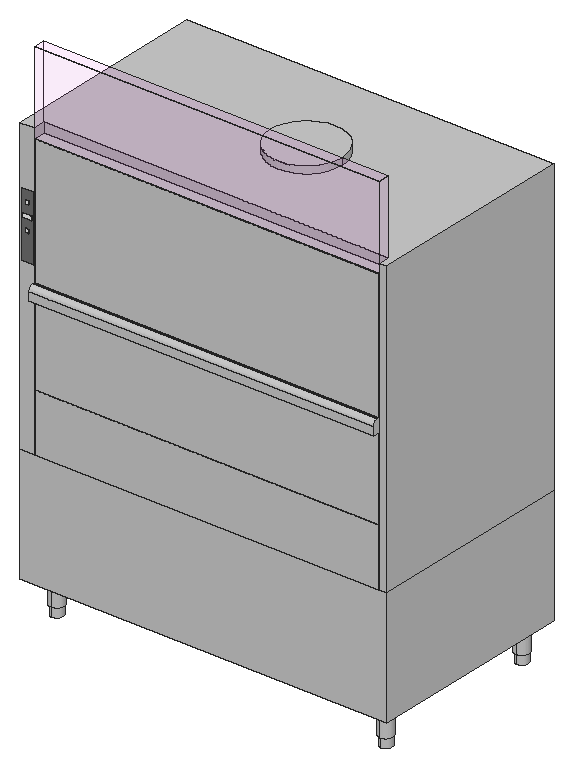
Revit family "QF_COMENDA_6G3170_6G3190_1155 H_6G3277_CAT", category Attrezzature speciali, Revit 2021
Family settings
  Quota connettore circolare = Usa diametro
  Tipo di parte = Normale
  Numero OmniClass = 23.40.40.14
  Titolo OmniClass = Food Service Equipment
  Basato su piano di lavoro = No
  Sempre verticale = Sì
  Taglio con vuoti quando caricato = No
  Condiviso = No
  Punto di calcolo locali = No
Parameters (values of type "6G3170")
  URL catalogo = "https://comenda.eu/wp-content/uploads/2024/02/Scheda-tecnica_G-EVO-1005-R_15.02.2024_ITA.pdf"
  URL = "www.comenda.eu"
  Tensione = 400 V
  Temperatura raccomandata per acqua calda = 50 °C
  Show Logo [instance] = yes
  Show Clearance [instance] = yes
  Protezione contro le sovracorrenti = 32 A
  Prospetto di default = 0 mm
  Profondità = 870 mm
  Pressione minima acqua calda = 2000.0 Pa
  Potenza elettrica = 15000 W
  Peso netto = 270.00 kg
  Numero dei poli = 3
  Modello = "G-EVO 1005 R RCD"
  Produttore = "COMENDA"
  Lunghezza = 1530 mm
  Frequenza = 50 Hz
  Fase = 3
  Diametro raccordo acqua calda = 3/4"
  Diametro dello scarico diretto di acqua = 1 3/8"
  Descrizione = "THREE-PHASE FRONT LOADING POTWASHER  WITH RCD"
  Corrente di funzionamento normale = 23 A
  Assembly Code = ""
  Altezza dello scarico diretto acqua da pavimento finito = 145 mm
  Altezza da terra raccordo acqua calda = 175 mm
  Altezza allacciamento elettrico da pavimento finito = 135 mm
  Altezza = 1870 mm
Types (4, lengths in mm): name | URL catalogo | Profondità | Modello | Descrizione | Altezza allacciamento elettrico da pavimento finito | Altezza
  6G3190 | "https://comenda.eu/wp-content/uploads/2024/02/Scheda-tecnica_G-EVO-1155-R_15.02.2024_ITA.pdf" | 900 | "G-EVO 1155 R RCD" | "THREE-PHASE FRONT LOADING POTWASHER WITH RCD" | 135 | 1870
  6G3170 | "https://comenda.eu/wp-content/uploads/2024/02/Scheda-tecnica_G-EVO-1005-R_15.02.2024_ITA.pdf" | 870 | "G-EVO 1005 R RCD" | "THREE-PHASE FRONT LOADING POTWASHER  WITH RCD" | 135 | 1870
  6G3277 | "/comenda.eu/wp-content/uploads/2024/02/Scheda-tecnica_G-EVO-1005-R_15.02.2024_ITA.pdf" | 900 | "G-EVO 1005 H RCD" | "THREE-PHASE FRONT LOADING POTWASHER WITH RCD" | 135 | 2020
  G-EVO 1155 H | "https://comenda.eu/wp-content/uploads/2024/02/Scheda-tecnica_G-EVO-1155-R_15.02.2024_ITA.pdf" | 900 | "G-EVO 1155 H R RCD" | "THREE-PHASE FRONT LOADING POTWASHER WITH RCD" | 134 | 2020
Reference planes
  plane 1 "Back": y = 0
  plane 2: z = 0
  plane 3 "Left": x = -30
  plane 4 "Right": x = 1500
  plane 5 "Front": y = -900
  plane 6 "Top": z = 1870
Forms (mm)
  Revolve 1, solid
    sketch origin (60, 0, 0) x (0, 1, 0) y (0, 0, 1)
      loop
        line (-50, 135) -> (-80, 135) -> (-80, 0) -> (-55, 0) -> (-55, 40) -> (-50, 40) -> (-50, 135)
      axis (-80, 0) -> (-80, 135)
    angle from 0 to 360
  Revolve 2, solid
    sketch origin (60, -710, 0) x (0, 1, 0) y (0, 0, 1)
      loop
        line (-50, 135) -> (-80, 135) -> (-80, 0) -> (-55, 0) -> (-55, 40) -> (-50, 40) -> (-50, 135)
      axis (-80, 0) -> (-80, 135)
    angle from 0 to 360
  Revolve 3, solid
    sketch origin (1440, -8.5, 0) x (0, 1, 0) y (0, 0, 1)
      loop
        line (-50, 135) -> (-80, 135) -> (-80, 0) -> (-55, 0) -> (-55, 40) -> (-50, 40) -> (-50, 135)
      axis (-80, 0) -> (-80, 135)
    angle from 0 to 360
  Revolve 4, solid
    sketch origin (1440, -718.5, 0) x (0, 1, 0) y (0, 0, 1)
      loop
        line (-50, 135) -> (-80, 135) -> (-80, 0) -> (-55, 0) -> (-55, 40) -> (-50, 40) -> (-50, 135)
      axis (-80, 0) -> (-80, 135)
    angle from 0 to 360
  Extrusion 5, solid
    sketch origin (0, 0, 721.5) x (1, 0, 0) y (0, 1, 0)
      loop
        line (-30, 0) -> (-30, -870) -> (30, -870) -> (30, -820) -> (1470, -820) -> (1470, -870) -> (1500, -870) -> (1500, 0) -> (-30, 0)
    from -101 to 1120
  Extrusion 6, solid
    sketch origin (0, 0, 0) x (1, 0, 0) y (0, 1, 0)
      loop
        line (-30, 0) -> (-30, -870) -> (1500, -870) -> (1500, 0) -> (-30, 0)
    from 135 to 620
  Extrusion 7, solid
    sketch origin (647, 0, 1895) x (1, 0, 0) y (0, 1, 0)
      loop
        circle (170, -435) r 150
    from -53.5 to -25
  Extrusion 8, solid
    sketch origin (289.25, 0, 0) x (0, 1, 0) y (0, 0, 1)
      loop
        line (-900, 1208) -> (-870, 1208) -> (-870, 1263) -> (-880, 1263)
        arc (-880, 1263) -> (-894.142, 1257.142) -> (-900, 1243) r 20
        line (-900, 1243) -> (-900, 1208)
    from -257.75 to 1179.25
  Extrusion 9, solid
    sketch origin (0, 0, 620.5) x (0, 1, 0) y (1, 0, 0)
      loop
        line (-870, 31.5) -> (-820, 31.5) -> (-820, 1468.5) -> (-870, 1468.5) -> (-870, 31.5)
    from 0 to -244
  Extrusion 10, solid
    sketch origin (0, 0, 911) x (1, 0, 0) y (0, 1, 0)
      loop
        line (31.5, -870) -> (1468.5, -870) -> (1468.5, -820) -> (31.5, -820) -> (31.5, -870)
    from -46 to 352
  Extrusion 11, solid
    sketch origin (0, 0, 1319) x (1, 0, 0) y (0, 1, 0)
      loop
        line (31.5, -870) -> (1468.5, -870) -> (1468.5, -820) -> (31.5, -820) -> (31.5, -870)
    from -56 to 484
  Extrusion 12, solid, visible <- "Show Clearance", detail levels coarse
    sketch origin (30, 0, -46) x (0, 1, 0) y (0, 0, 1)
      loop
        line (-870, 911) -> (-870, 1318)
        arc (-870, 1318) -> (-1157.792, 1198.792) -> (-1277, 911) r 407
        line (-1277, 911) -> (-870, 911)
    from 0 to 1438.5
  Extrusion 13, solid
    sketch origin (1470, -870, 710) x (0, 1, 0) y (0, 0, -1)
      loop
        line (0, -1093) -> (0, -1435) -> (50, -1435) -> (50, -1093) -> (0, -1093)
    from 0 to 1440
  Extrusion 14, solid
    sketch origin (-775, -868.2, 645.429) x (1, 0, 0) y (0, 0, 1)
      loop
        line (800, 954.969) -> (750, 954.969) -> (750, 684.969) -> (800, 684.969) -> (800, 954.969)
    from 0 to 2
  Extrusion 15, solid
    sketch origin (-1776.493, -868.4, 885.399) x (1, 0, 0) y (0, 0, 1)
      loop
        line (1795, 624) -> (1758, 624) -> (1758, 606) -> (1795, 606) -> (1795, 624)
      loop
        line (1784.5, 569.5) -> (1768.5, 569.5) -> (1768.5, 553.5) -> (1784.5, 553.5) -> (1784.5, 569.5)
      loop
        line (1784.5, 676.5) -> (1768.5, 676.5) -> (1768.5, 660.5) -> (1784.5, 660.5) -> (1784.5, 676.5)
    from 0 to 2
  Extrusion 16, void
    sketch origin (0, 0, 135) x (1, 0, 0) y (0, 1, 0)
      loop
        circle (130.011, -654.993) r 9.55
    from 0 to 40
  Extrusion 17, void
    sketch origin (0, 0, 135) x (1, 0, 0) y (0, 1, 0)
      loop
        circle (750, -610) r 17.5
    from 0 to 10
  Extrusion 18, solid
    sketch origin (0, 0, 135) x (0, 1, 0) y (1, 0, 0)
      loop
        circle (-848, 1415) r 4.875
    from 0 to 1
Cuts and joins
  Extrusion 16, Extrusion 17 cuts Extrusion 5
  Extrusion 16, Extrusion 17 cuts Extrusion 6
  joined: Extrusion 5, Extrusion 6
Lines and regions (mm)
  symbolic lines, style "200-EquipBorder-2D"
    curve 1: line (-30, 0, 0) -> (1500, 0, 0)
    curve 2: line (-30, -870, 0) -> (-30, 0, 0)
    curve 3: line (1500, -870, 0) -> (-30, -870, 0)
    curve 4: line (1500, 0, 0) -> (1500, -870, 0)
    curve 11: line (31.5, -870, 0) -> (31.5, -900, 0)
    curve 12: line (31.5, -900, 0) -> (1468.5, -900, 0)
    curve 13: line (1468.5, -900, 0) -> (1468.5, -870, 0)
  symbolic lines, style "QF_Door-Drawer Clearances", visible <- "Show Clearance"
    curve 5: line (30, -870, 0) -> (30, -1277, 0)
    curve 6: line (1468.5, -1277, 0) -> (1468.5, -870, 0)
    curve 7: line (30, -1277, 0) -> (1468.5, -1277, 0)
  symbolic lines, style "200-EquipInternal-2D"
    curve 8: circle (817, -435, 0) r 150 normal (0, 0, 1)
    curve 9: line (30, -870, 0) -> (30, -820, 0)
    curve 10: line (30, -820, 0) -> (1470, -820, 0)
    curve 14: line (1470, -820, 0) -> (1470, -870, 0)
  symbolic lines, style "200-InsPoint-3D"
    curve 15: circle (-30, 0, 0) r 0.2 normal (0, 0, 1)
    curve 16: circle (1500, 0, 0) r 0.2 normal (0, 0, 1)
    curve 17: circle (-30, -870, 0) r 0.2 normal (0, 0, 1)
    curve 18: circle (1500, -870, 0) r 0.2 normal (0, 0, 1)
Dimensions and locks
  plane 3 "Left" to plane 4 "Right" = 1530 mm
  plane 5 "Front" to plane 1 "Back" = 900 mm
  "Altezza": plane 6 "Top" to level
  Extrusion 7 to cut or joined group of Extrusion 5, Extrusion 6, Extrusion 16, Extrusion 17 = 28.5 mm
  cut or joined group of Extrusion 5, Extrusion 6, Extrusion 16, Extrusion 17 to Extrusion 11 = 38.5 mm
  locked: Extrusion 13 sketch curve to Extrusion 7 at 275
  plane 4 "Right" to plane 3 "Left" = 1530 mm
  plane 6 "Top" to level = 1870 mm
  locked: plane 6 "Top" to cut or joined group of Extrusion 5, Extrusion 6, Extrusion 16, Extrusion 17 at 28.5
  locked: plane 6 "Top" to Extrusion 11 at 67
  locked: cut or joined group of Extrusion 5, Extrusion 6, Extrusion 16, Extrusion 17 to level at 135
  locked: cut or joined group of Extrusion 5, Extrusion 6, Extrusion 16, Extrusion 17 to level at 620
  locked: Extrusion 10 to level at 865
  locked: plane 6 "Top" to Extrusion 10 at 607
  locked: Extrusion 15 to level at 1491.399
  locked: Extrusion 15 to Extrusion 14 at 108.5
  aligned and locked: level to plane 2
  aligned and locked: plane 6 "Top" to Extrusion 7
  aligned and locked: Extrusion 8 sketch curve to Extrusion 10
  aligned and locked: Extrusion 13 sketch curve to Extrusion 11  (x2)
  aligned and locked: cut or joined group of Extrusion 5, Extrusion 6, Extrusion 16, Extrusion 17 to Extrusion 13 sketch curve
  aligned and locked: Extrusion 13 to cut or joined group of Extrusion 5, Extrusion 6, Extrusion 16, Extrusion 17
  aligned and locked: Extrusion 7 to cut or joined group of Extrusion 5, Extrusion 6, Extrusion 16, Extrusion 17
  aligned and locked: Extrusion 9 sketch curve to Extrusion 10
  aligned and locked: Extrusion 8 to Extrusion 10
  aligned and locked: Extrusion 10 to Extrusion 8
  aligned and locked: Extrusion 10 to Extrusion 11
Automatic sketch dimensions
  Revolve 1 sketch curve to level = 0 mm
  plane 1 "Back" to Revolve 1 sketch curve = 80 mm
  Revolve 1 sketch curve to Revolve 1 sketch curve = 25 mm
  Revolve 1 sketch curve to Revolve 1 sketch curve = 5 mm
  level to Revolve 1 sketch curve = 40 mm
  Revolve 1 sketch curve to Revolve 1 sketch curve = 95 mm
  Revolve 1 sketch curve to Revolve 1 sketch curve = 0 mm
  Revolve 1 sketch curve to Revolve 1 sketch curve = 35 mm
  Revolve 1 sketch curve to Revolve 1 sketch curve = 15 mm
  Revolve 2 sketch curve to level = 0 mm
  plane 5 "Front" to Revolve 2 sketch curve = 110 mm
  Revolve 2 sketch curve to Revolve 2 sketch curve = 25 mm
  Revolve 2 sketch curve to Revolve 2 sketch curve = 5 mm
  level to Revolve 2 sketch curve = 40 mm
  Revolve 2 sketch curve to Revolve 2 sketch curve = 95 mm
  Revolve 2 sketch curve to Revolve 2 sketch curve = 0 mm
  Revolve 2 sketch curve to Revolve 2 sketch curve = 35 mm
  Revolve 2 sketch curve to Revolve 2 sketch curve = 15 mm
  Revolve 3 sketch curve to level = 0 mm
  plane 1 "Back" to Revolve 3 sketch curve = 88.5 mm
  Revolve 3 sketch curve to Revolve 3 sketch curve = 25 mm
  Revolve 3 sketch curve to Revolve 3 sketch curve = 5 mm
  level to Revolve 3 sketch curve = 40 mm
  Revolve 3 sketch curve to Revolve 3 sketch curve = 95 mm
  Revolve 3 sketch curve to Revolve 3 sketch curve = 0 mm
  Revolve 3 sketch curve to Revolve 3 sketch curve = 35 mm
  Revolve 3 sketch curve to Revolve 3 sketch curve = 15 mm
  Revolve 4 sketch curve to level = 0 mm
  plane 5 "Front" to Revolve 4 sketch curve = 101.5 mm
  Revolve 4 sketch curve to Revolve 4 sketch curve = 25 mm
  Revolve 4 sketch curve to Revolve 4 sketch curve = 5 mm
  level to Revolve 4 sketch curve = 40 mm
  Revolve 4 sketch curve to Revolve 4 sketch curve = 95 mm
  Revolve 4 sketch curve to Revolve 4 sketch curve = 0 mm
  Revolve 4 sketch curve to Revolve 4 sketch curve = 35 mm
  Revolve 4 sketch curve to Revolve 4 sketch curve = 15 mm
  plane 1 "Back" to Extrusion 5 sketch curve = 0 mm
  Extrusion 5 sketch curve to plane 3 "Left" = 0 mm
  Extrusion 5 sketch curve to plane 4 "Right" = 0 mm
  plane 3 "Left" to Extrusion 5 sketch curve = 60 mm
  plane 4 "Right" to Extrusion 5 sketch curve = 30 mm
  plane 5 "Front" to Extrusion 5 sketch curve = 80 mm
  plane 5 "Front" to Extrusion 5 sketch curve = 30 mm  (x2)
  Extrusion 6 sketch curve to plane 3 "Left" = 0 mm
  Extrusion 6 sketch curve to plane 4 "Right" = 0 mm
  plane 1 "Back" to Extrusion 6 sketch curve = 0 mm
  plane 5 "Front" to Extrusion 6 sketch curve = 30 mm
  plane 4 "Right" to Extrusion 7 sketch curve = 683 mm
  plane 1 "Back" to Extrusion 7 sketch curve = 435 mm
  Extrusion 8 sketch curve to plane 5 "Front" = 0 mm
  Extrusion 8 sketch curve to Extrusion 8 sketch curve = 20 mm
  Extrusion 8 sketch curve to Extrusion 8 sketch curve = 30 mm
  Extrusion 8 sketch curve to Extrusion 8 sketch curve = 35 mm
  Extrusion 9 sketch curve to Extrusion 5 = 0 mm  (x2)
  Extrusion 9 sketch curve to Extrusion 5 = 1.5 mm
  plane 3 "Left" to Extrusion 10 sketch curve = 61.5 mm
  plane 4 "Right" to Extrusion 10 sketch curve = 31.5 mm
  plane 5 "Front" to Extrusion 10 sketch curve = 30 mm
  Extrusion 10 sketch curve to Extrusion 10 sketch curve = 50 mm
  plane 3 "Left" to Extrusion 11 sketch curve = 61.5 mm
  plane 4 "Right" to Extrusion 11 sketch curve = 31.5 mm
  plane 5 "Front" to Extrusion 11 sketch curve = 30 mm
  Extrusion 11 sketch curve to Extrusion 11 sketch curve = 50 mm
  Extrusion 12 sketch curve to plane 5 "Front" = 377 mm
  plane 5 "Front" to Extrusion 12 sketch curve = 30 mm
  Extrusion 12 sketch curve to Extrusion 12 sketch curve = 0 mm
  level to Extrusion 12 sketch curve = 865 mm
  plane 3 "Left" to Extrusion 14 sketch curve = 5 mm
  Extrusion 14 sketch curve to Extrusion 14 sketch curve = 50 mm
  Extrusion 14 sketch curve to plane 6 "Top" = 539.601 mm
  Extrusion 14 sketch curve to Extrusion 14 sketch curve = 270 mm
  plane 3 "Left" to Extrusion 15 sketch curve = 11.507 mm
  plane 3 "Left" to Extrusion 15 sketch curve = 22.007 mm  (x2)
  Extrusion 15 sketch curve to Extrusion 15 sketch curve = 16 mm  (x4)
  Extrusion 15 sketch curve to Extrusion 15 sketch curve = 37 mm
  Extrusion 15 sketch curve to plane 6 "Top" = 431.101 mm
  Extrusion 15 sketch curve to Extrusion 15 sketch curve = 36.5 mm  (x2)
  Extrusion 15 sketch curve to Extrusion 15 sketch curve = 18 mm
  Extrusion 6 to Extrusion 16 sketch curve = 160.011 mm
  Extrusion 6 to Extrusion 16 sketch curve = 215.007 mm
  Extrusion 6 to Extrusion 17 sketch curve = 260 mm
  Extrusion 6 to Extrusion 17 sketch curve = 750 mm
  Extrusion 6 to Extrusion 18 sketch curve = 22 mm
  Extrusion 6 to Extrusion 18 sketch curve = 85 mm
  curve 17 to plane 3 "Left" = 0 mm
  curve 2 to plane 3 "Left" = 0 mm
  plane 1 "Back" to curve 15 = 0 mm
  curve 15 to plane 3 "Left" = 0 mm
  curve 12 to plane 5 "Front" = 0 mm
  plane 1 "Back" to curve 4 = 0 mm
  curve 4 to plane 4 "Right" = 0 mm
  plane 1 "Back" to curve 16 = 0 mm
  curve 16 to plane 4 "Right" = 0 mm
  curve 18 to plane 4 "Right" = 0 mm
  plane 3 "Left" to curve 10 = 60 mm
  plane 3 "Left" to curve 5 = 60 mm
  curve 5 to curve 12 = 1.5 mm
  plane 4 "Right" to curve 8 = 683 mm
  plane 4 "Right" to curve 13 = 31.5 mm
  plane 4 "Right" to curve 7 = 31.5 mm
  plane 4 "Right" to curve 10 = 30 mm
  curve 5 to plane 5 "Front" = 377 mm
  plane 5 "Front" to curve 4 = 30 mm
  curve 18 to curve 3 = 0 mm
  curve 17 to curve 2 = 0 mm
  curve 14 to curve 10 = 50 mm
  plane 1 "Back" to curve 8 = 435 mm
  radius of Extrusion 7 sketch curve = 150 mm
  radius of Extrusion 16 sketch curve = 9.55 mm
  radius of Extrusion 17 sketch curve = 17.5 mm
  radius of Extrusion 18 sketch curve = 4.875 mm
  radius of curve 8 = 150 mm
  radius of curve 15 = 0.2 mm
  radius of curve 16 = 0.2 mm
  radius of curve 17 = 0.2 mm
  radius of curve 18 = 0.2 mm
Connectors
  electrical at (1415, -848, 135), driven by "Numero dei poli", driven by "Tensione", driven by "Potenza elettrica"
    settings: on Extrusion 18, index 1, voltage 400 V, apparent load 15000 VA, apparent load phase1 0 VA, apparent load phase2 0 VA, apparent load phase3 0 VA, power factor 1, load classification "Altro", number of poles 3, system type 30, power factor state 1, is connector primary yes, connector utility no, sub classification motor no, connector description "QF_ELECTRICAL_CONNECTION"
  piping at (750, -610, 145), diameter 34.925, driven by "Diametro dello scarico diretto di acqua"
    settings: on cut or joined group of Extrusion 5, Extrusion 6, Extrusion 16, Extrusion 17, index 2, connector inside diameter 24", connector length 0 mm, flow factor 0, pipe flow 0.0 L/s, pressure drop 0.0 Pa, fitting loss kfactor 0, connector angle 0.00°, fixture units 0, engagement length 0 mm, angle of deflection 0.00°, flow configuration 0, flow direction 2, fitting loss method 0, system type 16, joint type 0, gender type 0, connector reference index -1, connector utility 0, adjustable connector no, is connector primary yes, connector description "QF_DRAIN_CONNECTION"
  piping at (130.011, -654.993, 175), diameter 19.05, driven by "Diametro raccordo acqua calda"
    settings: on cut or joined group of Extrusion 5, Extrusion 6, Extrusion 16, Extrusion 17, index 3, connector inside diameter 24", connector length 0 mm, flow factor 0, pipe flow 0.0 L/s, pressure drop 0.0 Pa, fitting loss kfactor 0, connector angle 0.00°, fixture units 0, engagement length 0 mm, angle of deflection 0.00°, flow configuration 0, flow direction 1, fitting loss method 0, system type 19, joint type 0, gender type 0, connector reference index -1, connector utility 0, adjustable connector no, is connector primary no, connector description "QF_WATER_CONNECTION"
  hvac at (817, -435, 1870)
    settings: on Extrusion 7, index 4, duct flow 0.0 L/s, flow factor 0, pres drop 0.0 Pa, loss coef 0, conn angle 0.00°, conn width 304.8 mm, conn height 304.8 mm, conn diameter 300 mm, duct sys type 3, conn prof type 0, flow config 0, flow direction 2, loss method 0, conn ref index -1, conn util no, is conn primary yes, conn desc "QF_EXHAUST_AIR_CONNECTION"
